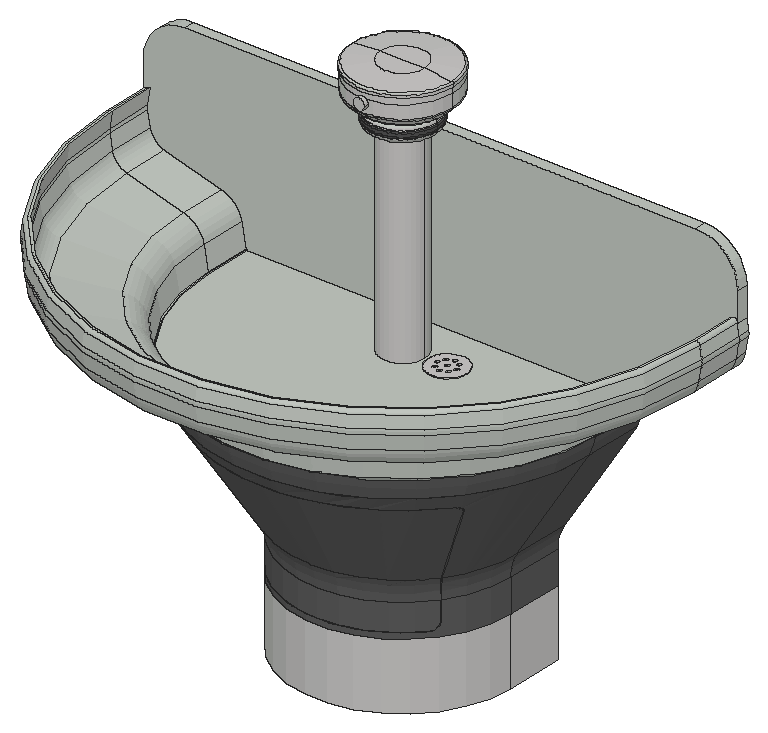
Revit family "Washfountain_Lavatory-Bradley_Corp-TDB3104-Type_B_Drain", category Plumbing Fixtures, Revit 2012
Parameters (values of type "Standard")
  Width = 54.000"
  Warranty Information = "Terreon® material warranted for ten years. All other components warranted for one year. This warranty does not cover installation or any other labor charges and does not apply to any units, which have been damaged by accident, abuse, improper installation, improper maintenance, or altered in any way."
  WFU = 0
  Voltage = 110 V
  Version = "2.0"
  Vent Radius = Vent / 2  # 3/4"
  Vent = 1 1/2"
  URL = "http://www.bradleycorp.com/"
  Towel Dispenser Holder [instance] = if(and(Soap Dispenser, Model ID = 2), 4.560", if(and(Soap Dispenser, Model ID = 1), 5.060", 4.396"))  # 4.396"
  Towel Dispenser Height [instance] = if(and(Soap Dispenser, Model ID = 2), 60.310", if(and(Soap Dispenser, Model ID = 1), 56.310", if(and(No Soap Dispenser, Model ID = 2), 51.810", 47.810")))  # 51.810"
  TouchTime® Control [instance] = yes
  Technical Data = "n/a"
  Supply Height [instance] = if(and(Towel Dispenser, Soap Dispenser, Model ID = 2), 80.313", if(and(Towel Dispenser, No Soap Dispenser, Model ID = 2), 71.813", (if(and(No Towel Dispenser, Soap Dispenser, Model ID = 2), 55.750", (if(and(No Towel Dispenser, No Soap Dispenser, Model ID = 2), 47.414", if(and(Towel Dispenser, Soap Dispenser, Model ID = 1), 75.813", if(and(Towel Dispenser, No Soap Dispenser, Model ID = 1), 67.313", if(and(No Towel Dispenser, Soap Dispenser, Model ID = 1), 51.250", 43.414")))))))))  # 47.414"
  Standard Height = Model ID = 2  # yes
  Spray Head Height = 43.719"
  Specifications URL = "http://www.bradleycorp.com/3partspec"
  Soap Dispenser Height = 55.750"
  Sensor Module Height = 47.414"
  Rim Height = 34.000"
  Product Tech Data URL - Spanish = ""
  Product Tech Data URL - French = ""
  Product Tech Data URL - English = "http://bradleycorp.com/download/1293/2055.pdf"
  Pedestal Material = Fibreglass - Bradley Corp - Black
  Pedestal Height = 23.500"
  Operating Water Pressure Range = "20 - 80 PSI"
  OmniClass Table 23 Title = "Sinks/Lavatories"
  OmniClass Table 23 Number = "23-31 13 00"
  OmniClass Table 21 Title = "Plumbing Fixtures"
  OmniClass Table 21 Number = "21-04 20 10 60"
  No Towel Dispenser [instance] = not(Towel Dispenser)  # yes
  No Soap Dispenser [instance] = not(Soap Dispenser)  # yes
  Modeling Code = ""
  Model ID = 2
  Model = "TDB3104"
  Material Note = "Other Terreon® colors available - See www.bradleycorp.com "
  MasterFormat Title = "Commercial Lavatories and Sinks"
  MasterFormat Number = "22 42 16"
  Manufacturer = "Bradley Corp"
  Juvenile Height = Model ID = 1  # no
  Industry Standards = " ANSI Z124.3, Z124.6 and ANSI/ICPA SS-1-2001"
  Hot Lavatory Inlet Radius = Hot Lavatory Inlet / 2  # 1/4"
  Hot Lavatory Inlet = 1/2"
  HWFU = 0
  Frequency = 50 Hz
  Flow Rate = 2.5 GPM
  Fire Rating = "n/a"
  Drain Radius = Drain / 2  # 1"
  Drain = 2"
  Description = "54\" Semi-Circular, Deep Bowl Washfountain"
  Copyright = "This Model Data is Property of Bradley Corporation"
  Cold Lavatory Inlet Radius = Cold Lavatory Inlet / 2  # 1/4"
  Cold Lavatory Inlet = 1/2"
  CWFU = 0
  Buy American Act = "No"
  Button Visibility [instance] = or(TouchTime® Control, Air Valve Hand Control)  # yes
  Bowl Material [instance] = Stone - Bradley Corp - Empire Gray
  Assembly Code = "D2010300"
  Air Valve Hand Control [instance] = no
  Adaptive Infrared Activation Control [instance] = no
  ADA Compliant = "Yes"
  Soap Dispenser [instance] = no
  Towel Dispenser [instance] = no
Reference planes (in)
  plane 1 "Center (Front/Back)": y = 0
  plane 2: z = 0
  plane 3 "Center (Left/Right)": x = 0
  plane 4 "Left": x = -27
  plane 5 "Right": x = 27
  plane 6 "Towel Dispenser": z = 51.81
  plane 7 "Soap Dispenser": z = 55.75
  plane 8 "Sensor Module": z = 47.414
  plane 9 "Spray Head": z = 43.719
  plane 10 "Rim Height": z = 34
  plane 11 "Pedestal Height": z = 23.5
  plane 12: y = -32.24695
  plane 13: y = -5.3402
Forms (in)
  Extrusion 1, solid, material "Stainless Steel - Bradley Corp - Satin"
    sketch origin (0, 0, 0) x (1, 0, 0) y (0, 1, 0)
      loop
        arc (-9.75, -5.25) -> (0, -15) -> (9.75, -5.25) r 9.75
        line (9.75, -5.25) -> (9.75, 0) -> (-9.75, 0) -> (-9.75, -5.25)
    from 0 to 6.02
  Sweep 2, solid, material "Fibreglass - Bradley Corp - Black" <- "Pedestal Material", detail levels coarse
    path in 3D
      loop
        line (-9.75, 0, 6.02) -> (-9.75, -5.25, 6.02)
        arc (-9.75, -5.25, 6.02) -> (0, -15, 6.02) -> (9.75, -5.25, 6.02) r 9.75
        line (9.75, -5.25, 6.02) -> (9.75, 0, 6.02)
    profile origin (-9.75, -2.625, 6.02) x (1, 0, 0) y (0, 0, 1)
      loop
        line (-0.62812, 5.13184) -> (0, 2.98) -> (0, 0) -> (0.5, 0) -> (0.5, 2.98) -> (-0.20663, 5.40082) -> (-6.67795, 15.54125) -> (-7.23012, 17.48) -> (-7.75, 17.48) -> (-7.13879, 15.33394) -> (-0.62812, 5.13184)
  Sweep 3, solid, material "Fibreglass - Bradley Corp - Black" <- "Pedestal Material", detail levels medium+fine
    path in 3D
      loop
        line (-9.75, 0, 6.02) -> (-9.75, -5.25, 6.02)
        arc (-9.75, -5.25, 6.02) -> (0, -15, 6.02) -> (9.75, -5.25, 6.02) r 9.75
        line (9.75, -5.25, 6.02) -> (9.75, 0, 6.02)
    profile origin (-9.75, -2.625, 6.02) x (1, 0, 0) y (0, 0, 1)
      loop
        line (-7.13879, 15.33394) -> (-0.62812, 5.13184)
        arc (-0.62812, 5.13184) -> (-0.16024, 4.10082) -> (0, 2.98) r 4
        line (0, 2.98) -> (0, 0) -> (0.5, 0) -> (0.5, 2.98) -> (-0.20663, 5.40082) -> (-6.67795, 15.54125) -> (-7.23012, 17.48) -> (-7.61822, 17.48)
        arc (-7.61822, 17.48) -> (-7.70221, 17.43276) -> (-7.72517, 17.33917) r 0.12116
        arc (-7.72517, 17.33917) -> (-7.49023, 16.31952) -> (-7.13879, 15.33394) r 9.0211
  Sweep 4, solid, material "Stone - Bradley Corp - Empire Gray" <- "Bowl Material", visible <- "Standard Height", detail levels coarse
    path in 3D
      loop
        line (-9.75, -0.99695, 6.02) -> (-9.75, -5.25, 6.02)
        arc (-9.75, -5.25, 6.02) -> (0, -15, 6.02) -> (9.75, -5.25, 6.02) r 9.75
        line (9.75, -5.25, 6.02) -> (9.75, -0.99695, 6.02)
    profile origin (-9.75, -3.12347, 6.02) x (1, 0, 0) y (0, 0, 1)
      loop
        line (-8.69027, 19.99893) -> (-8.25, 17.48) -> (-7.74242, 17.48) -> (-7.74242, 17.98) -> (-8.22286, 20.22877) -> (-9.87228, 22.03159) -> (-14.93805, 23.3892) -> (-16.52873, 27.98) -> (-17.05789, 27.98) -> (-15.32366, 22.9749) -> (-10.14268, 21.58641) -> (-8.69027, 19.99893)
  Sweep 5, solid, material "Stone - Bradley Corp - Empire Gray" <- "Bowl Material", visible <- "Standard Height", detail levels medium+fine
    path in 3D
      loop
        line (-9.75, -0.99695, 6.02) -> (-9.75, -5.25, 6.02)
        arc (-9.75, -5.25, 6.02) -> (0, -15, 6.02) -> (9.75, -5.25, 6.02) r 9.75
        line (9.75, -5.25, 6.02) -> (9.75, -0.99695, 6.02)
    profile origin (-9.75, -3.12347, 6.02) x (1, 0, 0) y (0, 0, 1)
      loop
        arc (-16.68727, 27.98028) -> (-16.93198, 27.88933) -> (-17.05789, 27.66063) r 0.37468
        line (-17.05789, 27.66063) -> (-17.21443, 26.6064)
        arc (-17.21443, 26.6064) -> (-17.23048, 26.36063) -> (-17.2061, 26.11555) r 1.5
        line (-17.2061, 26.11555) -> (-16.95433, 24.74241)
        arc (-16.95433, 24.74241) -> (-16.39494, 23.62252) -> (-15.32366, 22.9749) r 2.25
        line (-15.32366, 22.9749) -> (-10.14268, 21.58641)
        arc (-10.14268, 21.58641) -> (-9.1848, 21.00462) -> (-8.69027, 19.99893) r 2
        line (-8.69027, 19.99893) -> (-8.26736, 17.57934)
        arc (-8.26736, 17.57934) -> (-8.22636, 17.50813) -> (-8.14915, 17.48) r 0.12
        line (-8.14915, 17.48) -> (-7.74242, 17.48) -> (-7.74242, 17.98)
        arc (-7.74242, 17.98) -> (-7.8103, 18.00475) -> (-7.84632, 18.06737) r 0.10547
        line (-7.84632, 18.06737) -> (-8.19748, 20.08354)
        arc (-8.19748, 20.08354) -> (-8.8154, 21.34158) -> (-10.01324, 22.06937) r 2.5
        line (-10.01324, 22.06937) -> (-15.19423, 23.45786)
        arc (-15.19423, 23.45786) -> (-16.02745, 23.96157) -> (-16.46253, 24.83259) r 1.75
        line (-16.46253, 24.83259) -> (-16.7143, 26.20573)
        arc (-16.7143, 26.20573) -> (-16.73056, 26.36911) -> (-16.71985, 26.53296) r 1
        line (-16.71985, 26.53296) -> (-16.50494, 27.98028) -> (-16.68727, 27.98028)
  Extrusion 6, solid, material "Stone - Bradley Corp - Empire Gray" <- "Bowl Material", visible <- "Standard Height", detail levels medium+fine
    sketch origin (-21, 0, 40) x (-1, 0, 0) y (0, 0, -1)
      loop
        arc (2.05789, 0) -> (4.70954, 1.09835) -> (5.80789, 3.75) r 3.75
        line (5.80789, 3.75) -> (5.80789, 6.31937) -> (5.96443, 7.3736)
        arc (5.96443, 7.3736) -> (5.98048, 7.61937) -> (5.9561, 7.86445) r 1.5
        line (5.9561, 7.86445) -> (5.70433, 9.23759)
        arc (5.70433, 9.23759) -> (5.14494, 10.35748) -> (4.07366, 11.0051) r 2.25
        line (4.07366, 11.0051) -> (-1.10732, 12.39359)
        arc (-1.10732, 12.39359) -> (-2.0652, 12.97538) -> (-2.55973, 13.98107) r 2
        line (-2.55973, 13.98107) -> (-2.98264, 16.40066)
        arc (-2.98264, 16.40066) -> (-3.02364, 16.47187) -> (-3.10085, 16.5) r 0.12
        line (-3.10085, 16.5) -> (-38.89915, 16.5)
        arc (-38.89915, 16.5) -> (-38.97636, 16.47187) -> (-39.01736, 16.40066) r 0.12
        line (-39.01736, 16.40066) -> (-39.44027, 13.98107)
        arc (-39.44027, 13.98107) -> (-39.9348, 12.97538) -> (-40.89268, 12.39359) r 2
        line (-40.89268, 12.39359) -> (-46.07366, 11.0051)
        arc (-46.07366, 11.0051) -> (-47.14494, 10.35748) -> (-47.70433, 9.23759) r 2.25
        line (-47.70433, 9.23759) -> (-47.9561, 7.86445)
        arc (-47.9561, 7.86445) -> (-47.98048, 7.61937) -> (-47.96443, 7.3736) r 1.5
        line (-47.96443, 7.3736) -> (-47.80789, 6.31937) -> (-47.80789, 3.75)
        arc (-47.80789, 3.75) -> (-46.70954, 1.09835) -> (-44.05789, 0) r 3.75
        line (-44.05789, 0) -> (2.05789, 0)
    from 0 to 0.99695
  Extrusion 7, solid, material "Stone - Bradley Corp - Empire Gray" <- "Bowl Material", visible <- "Standard Height", detail levels coarse
    sketch origin (-21, 0, 40) x (-1, 0, 0) y (0, 0, -1)
      loop
        arc (2.05789, 0) -> (4.70954, 1.09835) -> (5.80789, 3.75) r 3.75
        line (5.80789, 3.75) -> (5.80789, 6) -> (4.07366, 11.0051) -> (-1.10732, 12.39359) -> (-2.55973, 13.98107) -> (-3, 16.5) -> (-39, 16.5) -> (-39.44027, 13.98107) -> (-40.89268, 12.39359) -> (-46.07366, 11.0051) -> (-47.80789, 6) -> (-47.80789, 3.75)
        arc (-47.80789, 3.75) -> (-46.70954, 1.09835) -> (-44.05789, 0) r 3.75
        line (-44.05789, 0) -> (2.05789, 0)
    from 0 to 0.99695
  Extrusion 8, solid, material "Stone - Bradley Corp - Empire Gray" <- "Bowl Material"
    sketch origin (0, 0, 0) x (1, 0, 0) y (0, 1, 0)
      loop
        arc (-17.49242, -5.25) -> (0, -22.74242) -> (17.49242, -5.25) r 17.49242
        line (17.49242, -5.25) -> (17.49242, -0.99695) -> (-17.49242, -0.99695) -> (-17.49242, -5.25)
      loop
        circle (4, -5.24635) r 1.75
    from 23.5 to 24
  Extrusion 9, solid, material "Fibreglass - Bradley Corp - Black" <- "Pedestal Material"
    sketch origin (0, 0, 0) x (1, 0, 0) y (0, 0, 1)
      loop
        line (16.42795, 21.56125) -> (16.98012, 23.5) -> (-16.98012, 23.5) -> (-16.42795, 21.56125) -> (-9.95663, 11.42082) -> (-9.25, 9) -> (-9.25, 6.02) -> (9.25, 6.02) -> (9.25, 9) -> (9.95663, 11.42082) -> (16.42795, 21.56125)
    from 0 to 0.99695
  Sweep 10, solid, material "Stone - Bradley Corp - Empire Gray" <- "Bowl Material", visible <- "Juvenile Height", detail levels coarse
    path in 3D
      loop
        line (-9.75, -0.99695, 6.02) -> (-9.75, -5.25, 6.02)
        arc (-9.75, -5.25, 6.02) -> (0, -15, 6.02) -> (9.75, -5.25, 6.02) r 9.75
        line (9.75, -5.25, 6.02) -> (9.75, -0.99695, 6.02)
    profile origin (-9.75, -3.12347, 6.02) x (1, 0, 0) y (0, 0, 1)
      loop
        line (-17.05789, 23.48016) -> (-15.79641, 19.98631) -> (-9.31066, 18.54066) -> (-8.25, 17.48) -> (-7.74242, 17.48) -> (-7.74242, 17.98) -> (-8.04289, 17.98) -> (-9.05994, 18.99705) -> (-15.42026, 20.41473) -> (-16.71791, 23.98) -> (-17.05789, 23.98) -> (-17.05789, 23.48016)
  Sweep 11, solid, material "Stone - Bradley Corp - Empire Gray" <- "Bowl Material", visible <- "Juvenile Height", detail levels medium+fine
    path in 3D
      loop
        line (-9.75, -0.99695, 6.02) -> (-9.75, -5.25, 6.02)
        arc (-9.75, -5.25, 6.02) -> (0, -15, 6.02) -> (9.75, -5.25, 6.02) r 9.75
        line (9.75, -5.25, 6.02) -> (9.75, -0.99695, 6.02)
    profile origin (-9.75, -3.12347, 6.02) x (1, 0, 0) y (0, 0, 1)
      loop
        line (-17.06017, 23.47983) -> (-16.09625, 20.81009)
        arc (-16.09625, 20.81009) -> (-15.56078, 20.13316) -> (-14.78237, 19.76028) r 1.9141
        line (-14.78237, 19.76028) -> (-9.98471, 18.6909)
        arc (-9.98471, 18.6909) -> (-9.38001, 18.4665) -> (-8.85786, 18.08786) r 2.37805
        line (-8.85786, 18.08786) -> (-8.25, 17.48) -> (-7.74242, 17.48) -> (-7.74242, 17.98) -> (-8.04289, 17.98) -> (-8.508, 18.44511)
        arc (-8.508, 18.44511) -> (-9.14156, 18.90599) -> (-9.87593, 19.17893) r 2.87805
        line (-9.87593, 19.17893) -> (-14.6736, 20.2483)
        arc (-14.6736, 20.2483) -> (-15.3549, 20.61776) -> (-15.73914, 21.29084) r 1.4141
        line (-15.73914, 21.29084) -> (-16.71803, 23.98032)
        arc (-16.71803, 23.98032) -> (-17.01718, 23.81764) -> (-17.06017, 23.47983) r 0.3737
  Extrusion 12, solid, material "Stone - Bradley Corp - Empire Gray" <- "Bowl Material", visible <- "Juvenile Height", detail levels medium+fine
    sketch origin (-33.92149, 0, 36) x (1, 0, 0) y (0, 0, 1)
      loop
        arc (10.8636, 0) -> (8.21195, -1.09835) -> (7.1136, -3.75) r 3.75
        line (7.1136, -3.75) -> (7.1136, -6.29359)
        arc (7.1136, -6.29359) -> (7.12237, -6.47702) -> (7.16726, -6.6551) r 0.92368
        line (7.16726, -6.6551) -> (8.07524, -9.16991)
        arc (8.07524, -9.16991) -> (8.61071, -9.84684) -> (9.38912, -10.21972) r 1.9141
        line (9.38912, -10.21972) -> (14.18678, -11.2891)
        arc (14.18678, -11.2891) -> (14.79148, -11.5135) -> (15.31363, -11.89214) r 2.37805
        line (15.31363, -11.89214) -> (15.92149, -12.5) -> (51.92149, -12.5) -> (52.52935, -11.89214)
        arc (52.52935, -11.89214) -> (53.05151, -11.5135) -> (53.6562, -11.2891) r 2.37805
        line (53.6562, -11.2891) -> (58.45386, -10.21972)
        arc (58.45386, -10.21972) -> (59.23227, -9.84684) -> (59.76774, -9.16991) r 1.9141
        line (59.76774, -9.16991) -> (60.67573, -6.6551)
        arc (60.67573, -6.6551) -> (60.72061, -6.47702) -> (60.72938, -6.29359) r 0.92368
        line (60.72938, -6.29359) -> (60.72938, -3.75)
        arc (60.72938, -3.75) -> (59.63103, -1.09835) -> (56.97938, 0) r 3.75
        line (56.97938, 0) -> (10.8636, 0)
    from 0 to 0.99695
  Extrusion 13, solid, material "Stone - Bradley Corp - Empire Gray" <- "Bowl Material", visible <- "Juvenile Height", detail levels coarse
    sketch origin (-33.92149, 0, 36) x (1, 0, 0) y (0, 0, 1)
      loop
        line (60.72938, -6.52782) -> (60.72938, -3.75)
        arc (60.72938, -3.75) -> (59.63103, -1.09835) -> (56.97938, 0) r 3.75
        line (56.97938, 0) -> (10.8636, 0)
        arc (10.8636, 0) -> (8.21195, -1.09835) -> (7.1136, -3.75) r 3.75
        line (7.1136, -3.75) -> (7.1136, -6.52782) -> (8.37508, -9.99369) -> (14.86083, -11.43934) -> (15.92149, -12.5) -> (51.92149, -12.5) -> (52.98215, -11.43934) -> (59.46791, -9.99369) -> (60.72938, -6.52782)
    from 0 to 0.99695
  Extrusion 14, solid, material "Stainless Steel - Bradley Corp - Polished", detail levels medium+fine
    sketch origin (0, 0, 24) x (1, 0, 0) y (0, 1, 0)
      loop
        circle (4, -5.24635) r 1.75
      loop
        circle (4, -5.24635) r 0.1842
      loop
        circle (4, -4.36864) r 0.1842
      loop
        circle (3.12229, -5.24635) r 0.1842
      loop
        circle (4, -6.12406) r 0.1842
      loop
        circle (4.87771, -5.24635) r 0.1842
      loop
        circle (4.62063, -4.62571) r 0.1842
      loop
        circle (3.37937, -4.62571) r 0.1842
      loop
        circle (3.37937, -5.86698) r 0.1842
      loop
        circle (4.62063, -5.86698) r 0.1842
    from 0 to 0.04618
  Extrusion 15, solid, material "Stainless Steel - Bradley Corp - Satin"
    sketch origin (0, 0, 0) x (1, 0, 0) y (0, 1, 0)
      loop
        circle (0, -5.25) r 2
    from 24 to 44.24213
  Extrusion 16, void
    sketch origin (-33.92149, 0, 36) x (1, 0, 0) y (0, 0, 1)
      loop
        arc (21.39394, -16) -> (21.10481, -16.23564) -> (21.11292, -16.60855) r 0.42493
        line (21.11292, -16.60855) -> (25.4255, -24.84746)
        spline (25.4255, -24.84746) -> (25.50604, -25.0095) -> (25.5802, -25.17601) -> (25.64781, -25.34661) -> (25.70871, -25.52093) -> (25.76278, -25.69857) -> (25.80989, -25.87913) -> (25.84992, -26.06221) -> (25.88281, -26.2474) -> (25.90846, -26.43428) -> (25.92682, -26.62243) -> (25.93786, -26.81142) -> (25.94154, -27.00085)
        line (25.94154, -27.00085) -> (25.94154, -28.87883)
        arc (25.94154, -28.87883) -> (26.1194, -29.30039) -> (26.54548, -29.46715) r 0.58852
        line (26.54548, -29.46715) -> (41.26976, -29.46715)
        arc (41.26976, -29.46715) -> (41.73411, -29.26588) -> (41.92524, -28.79728) r 0.67003
        line (41.92524, -28.79728) -> (41.92524, -26.85223)
        spline (41.92524, -26.85223) -> (41.92867, -26.6698) -> (41.93898, -26.48774) -> (41.95613, -26.30645) -> (41.98009, -26.12631) -> (42.01081, -25.9477) -> (42.04822, -25.77099) -> (42.09225, -25.59655) -> (42.14281, -25.42475) -> (42.19978, -25.25596) -> (42.26305, -25.09052) -> (42.33248, -24.92878) -> (42.40793, -24.7711)
        line (42.40793, -24.7711) -> (46.72897, -16.61066)
        arc (46.72897, -16.61066) -> (46.73867, -16.23672) -> (46.44904, -16) r 0.42493
        line (46.44904, -16) -> (21.39394, -16)
      loop
        line (41.8496, -28.82388) -> (41.8496, -27.03567)
        spline (41.8496, -27.03567) -> (41.85127, -26.8354) -> (41.86049, -26.63547) -> (41.87721, -26.43629) -> (41.90141, -26.23827) -> (41.93303, -26.04183) -> (41.97203, -25.84739) -> (42.01837, -25.65534) -> (42.07191, -25.46608) -> (42.13254, -25.28) -> (42.20012, -25.09749) -> (42.27452, -24.91892) -> (42.35562, -24.74468)
        line (42.35562, -24.74468) -> (46.67712, -16.58338)
        arc (46.67712, -16.58338) -> (46.68672, -16.26403) -> (46.44203, -16.05859) r 0.36634
        line (46.44203, -16.05859) -> (21.40095, -16.05859)
        arc (21.40095, -16.05859) -> (21.15669, -16.26309) -> (21.16491, -16.58154) r 0.36634
        line (21.16491, -16.58154) -> (25.4774, -24.82026)
        spline (25.4774, -24.82026) -> (25.55904, -24.98455) -> (25.63417, -25.15332) -> (25.70267, -25.32619) -> (25.76437, -25.50277) -> (25.81915, -25.68266) -> (25.86687, -25.86548) -> (25.90738, -26.05083) -> (25.94064, -26.23829) -> (25.9666, -26.42745) -> (25.98519, -26.61787) -> (25.99639, -26.80915) -> (26.00013, -27.00085)
        line (26.00013, -27.00085) -> (26.00013, -28.87883)
        arc (26.00013, -28.87883) -> (26.16055, -29.25868) -> (26.54469, -29.40855) r 0.52993
        line (26.54469, -29.40855) -> (41.26493, -29.40855)
        arc (41.26493, -29.40855) -> (41.67835, -29.23731) -> (41.8496, -28.82388) r 0.58467
    from 7.94 to 24.01788
  Extrusion 17, solid, material "Stainless Steel - Bradley Corp - Polished", visible <- "Soap Dispenser"
    sketch origin (0, 0, 0) x (1, 0, 0) y (0, 1, 0)
      loop
        circle (0, -5.25) r 2
    from 47.414 to 49.75
  Extrusion 18, solid, material "Stainless Steel - Bradley Corp - Polished", visible <- "Towel Dispenser"
    sketch origin (-5.56458, -2.11186, 51.81) x (0, 0, 1) y (0.866025, 0.5, 0)
      loop
        line (0, 0) -> (0, -1.75) -> (1.375, -4) -> (14.625, -4) -> (15.3125, 0) -> (0, 0)
    from -11 to 0
  Extrusion 19, solid, material "Stainless Steel - Bradley Corp - Polished", visible <- "Towel Dispenser"
    sketch origin (5.56458, -2.11186, 51.81) x (0, 0, 1) y (0.866025, -0.5, 0)
      loop
        line (0, 0) -> (15.3125, 0) -> (14.625, 4) -> (1.375, 4) -> (0, 1.75) -> (0, 0)
    from -11 to 0
  Extrusion 20, solid, material "Stainless Steel - Bradley Corp - Polished", visible <- "Towel Dispenser"
    sketch origin (-18.13744, 0, 51.81) x (-1, 0, 0) y (0, -1, 0)
      loop
        line (-18.07285, 11.63814) -> (-18.20202, 11.63814) -> (-23.70202, 2.11186) -> (-23.59038, 2.04741) -> (-12.68449, 2.04741) -> (-12.57285, 2.11186) -> (-18.07285, 11.63814)
      loop
        circle (-18.13744, 5.25) r 2
    from 14.625 to 14.125
  Revolve 21, solid, material "Stainless Steel - Bradley Corp - Polished", detail levels coarse+medium
    sketch origin (-27, -5.25, 47.414) x (1, 0, 0) y (0, 0, 1)
      loop
        line (27, -3.17187) -> (27, 0) -> (22.4245, 0) -> (22.4245, -2.34747) -> (23.2489, -3.17187) -> (27, -3.17187)
      loop
        line (27, -5.10281) -> (27, -3.69531) -> (24.32008, -3.69531) -> (23.875, -4.14039) -> (23.875, -4.64024) -> (24.33758, -5.10281) -> (27, -5.10281)
      axis (27, 0) -> (27, -5.10281)
    angle from 0 to 360
  Revolve 22, solid, material "Stainless Steel - Bradley Corp - Polished", detail levels fine
    sketch origin (-27, -5.25, 47.414) x (1, 0, 0) y (0, 0, 1)
      loop
        arc (22.54844, -0.19977) -> (22.46021, -0.24285) -> (22.4245, -0.33431) r 0.135
        line (22.4245, -0.33431) -> (22.4245, -0.56995) -> (22.5, -0.56995) -> (22.5, -1.11431) -> (22.5, -2.31832)
        arc (22.5, -2.31832) -> (22.51903, -2.41399) -> (22.57322, -2.4951) r 0.25
        line (22.57322, -2.4951) -> (23.17678, -3.09865)
        arc (23.17678, -3.09865) -> (23.25788, -3.15284) -> (23.35355, -3.17187) r 0.25
        line (23.35355, -3.17187) -> (27, -3.17187) -> (27, 0.00105) -> (24.992, 0.00105) -> (22.54844, -0.19977)
      loop
        arc (23.965, -4.75781) -> (24.06605, -5.00176) -> (24.31, -5.10281) r 0.345
        line (24.31, -5.10281) -> (27, -5.10281) -> (27, -3.69531) -> (24.31, -3.69531)
        arc (24.31, -3.69531) -> (24.06605, -3.79636) -> (23.965, -4.04031) r 0.345
        line (23.965, -4.04031) -> (23.965, -4.14039)
        arc (23.965, -4.14039) -> (23.90115, -4.16911) -> (23.875, -4.23406) r 0.09375
        line (23.875, -4.23406) -> (23.875, -4.54656)
        arc (23.875, -4.54656) -> (23.90115, -4.61151) -> (23.965, -4.64024) r 0.09375
        line (23.965, -4.64024) -> (23.965, -4.75781)
      axis (27, 0.00105) -> (27, -5.10281)
    angle from 0 to 360
  Extrusion 23, solid, material "Stainless Steel - Bradley Corp - Polished", visible <- "Soap Dispenser", detail levels fine
    sketch origin (-27, 0, 55.75) x (1, 0, 0) y (0, 0, 1)
      loop
        line (20.84438, -1) -> (20.96998, -1) -> (20.96998, -1.64327) -> (21.01796, -1.64327) -> (21.01796, -2.89327) -> (21.07058, -2.89327) -> (21.07058, -4.14327) -> (21.1232, -4.14327) -> (21.1232, -5.39327) -> (21.19098, -5.39327) -> (21.19098, -6) -> (32.80902, -6) -> (32.80902, -5.39327) -> (32.8768, -5.39327) -> (32.8768, -4.14327) -> (32.92942, -4.14327) -> (32.92942, -2.89327) -> (32.98204, -2.89327) -> (32.98204, -1.64327) -> (33.03002, -1.64327) -> (33.03002, -1) -> (33.15562, -1) -> (33.15562, -0.375)
        arc (33.15562, -0.375) -> (32.17951, -0.12076) -> (31.17808, 0) r 7.48907
        line (31.17808, 0) -> (22.82192, 0)
        arc (22.82192, 0) -> (21.82049, -0.12076) -> (20.84438, -0.375) r 7.48907
        line (20.84438, -0.375) -> (20.84438, -1)
    from 3.06766 to 5.3402
  Extrusion 24, solid, material "Stainless Steel - Bradley Corp - Polished", visible <- "Soap Dispenser", detail levels coarse+medium
    sketch origin (-27, 0, 55.75) x (1, 0, 0) y (0, 0, 1)
      loop
        line (20.88289, -1) -> (21.19098, -6) -> (32.80902, -6) -> (33.11711, -1) -> (20.88289, -1)
    from 3.06766 to 5.3402
  Revolve 25, solid, material "Stainless Steel - Bradley Corp - Polished", visible <- "Soap Dispenser", detail levels fine
    sketch origin (-27, -5.3402, 55.75) x (1, 0, 0) y (0, 0, 1)
      loop
        line (20.96998, -1.64327) -> (21.01796, -1.64327) -> (21.01796, -2.89327) -> (21.07058, -2.89327) -> (21.07058, -4.14327) -> (21.1232, -4.14327) -> (21.1232, -5.39327) -> (21.19098, -5.39327) -> (21.19098, -6) -> (27, -6) -> (27, 0) -> (22.82192, 0)
        arc (22.82192, 0) -> (21.82049, -0.12076) -> (20.84438, -0.375) r 7.48907
        line (20.84438, -0.375) -> (20.84438, -1) -> (20.96998, -1) -> (20.96998, -1.64327)
      axis (27, 0) -> (27, -6)
    angle from 360 to 180
  Revolve 26, solid, material "Stainless Steel - Bradley Corp - Polished", visible <- "Soap Dispenser", detail levels coarse+medium
    sketch origin (-27, -5.3402, 51.25) x (1, 0, 0) y (0, 0, 1)
      loop
        line (27, -1.5) -> (27, 3.5) -> (20.88289, 3.5) -> (21.19098, -1.5) -> (27, -1.5)
      axis (27, 3.5) -> (27, -1.5)
    angle from 360 to 180
  Extrusion 27, solid, material "Stainless Steel - Bradley Corp - Polished", visible <- "Towel Dispenser"
    sketch origin (0, 0, 51.81) x (-1, 0, 0) y (0, -1, 0)
      loop
        circle (0, 5.25) r 2
    from -4.396 to 16.3125
  Extrusion 28, solid, material "Stainless Steel - Bradley Corp - Polished", visible <- "Towel Dispenser"
    sketch origin (0, 0, 51.81) x (-1, 0, 0) y (0, -1, 0)
      loop
        line (-5.45295, 2.04741) -> (5.45295, 2.04741) -> (5.56458, 2.11186) -> (0.06458, 11.63814) -> (-0.06458, 11.63814) -> (-5.56458, 2.11186) -> (-5.45295, 2.04741)
      loop
        circle (0, 5.25) r 2
    from 1.06293 to 1.56293
  Extrusion 29, solid, material "Default", not visible
    sketch origin (0, 0, 0) x (1, 0, 0) y (0, 1, 0)
      loop
        circle (0, -5.25) r 0.75
      loop
        circle (-0.875, -4) r 0.25
      loop
        circle (0.875, -4) r 0.25
    from 0 to 47.414
  Extrusion 30, solid, material "Default", not visible
    sketch origin (0, -27, 0) x (-1, 0, 0) y (0, 0, 1)
      loop
        line (-0.5, 9) -> (-1.5, 9) -> (-1.5, 7) -> (-0.5, 7) -> (-0.5, 9)
    from 26 to 27
  Revolve 31, solid, material "Plastic - Bradley Corp - Black", visible <- "Soap Dispenser", detail levels coarse+medium
    sketch origin (-27, -5.3402, 55.75) x (1, 0, 0) y (0, 0, 1)
      loop
        line (20.82127, 0) -> (20.88289, -1) -> (27, -1) -> (27, 0) -> (20.82127, 0)
      axis (27, 0) -> (27, -1)
    angle from 180 to 360
  Extrusion 32, solid, material "Plastic - Bradley Corp - Black", visible <- "Soap Dispenser", detail levels coarse+medium
    sketch origin (-27, -5.3402, 55.75) x (1, 0, 0) y (0, 0, 1)
      loop
        line (20.88289, -1) -> (33.11711, -1) -> (33.17873, 0) -> (20.82127, 0) -> (20.88289, -1)
    from 0 to -2.27254
  Extrusion 33, solid, material "Stainless Steel - Bradley Corp - Polished", visible <- "Button Visibility"
    sketch origin (-27, -5.25, 47.414) x (1, 0, 0) y (0, 0, 1)
      loop
        circle (27, -1.45871) r 0.5
    from 4.91915 to 4.5755
  Extrusion 34, solid, material "Stainless Steel - Bradley Corp - Polished", visible <- "Button Visibility", detail levels fine
    sketch origin (-27, -5.25, 47.414) x (1, 0, 0) y (0, 0, 1)
      loop
        circle (27, -1.45871) r 0.25
    from 4.5 to 4.5755
  Extrusion 35, solid, material "Default", not visible, detail levels fine
    sketch origin (0, 0, 0) x (1, 0, 0) y (0, 1, 0)
      loop
        circle (-4, -5.25) r 1
    from 0 to 3
Cuts and joins
  joined: Sweep 11, Extrusion 12
  joined: Sweep 10, Extrusion 13
  Extrusion 16 cuts Sweep 3
  joined: Extrusion 23, Revolve 25
  joined: Extrusion 24, Revolve 26
  joined: Revolve 31, Extrusion 32
Lines and regions (in)
  Split face 1
    outline origin (-9.02868, -4.11186, 53.185) x (0.738964, 0.426641, -0.52145) y (0.5, -0.866025, 0)
      loop
        arc (0.59847, 1.4994) -> (1.34847, 0.7494) -> (2.09847, 1.4994) r 0.75
        line (2.09847, 1.4994) -> (2.09847, 9.5006)
        arc (2.09847, 9.5006) -> (1.34847, 10.2506) -> (0.59847, 9.5006) r 0.75
        line (0.59847, 9.5006) -> (0.59847, 1.4994)
  Split face 2
    outline origin (9.02868, -4.11186, 53.185) x (-0.738964, 0.426641, -0.52145) y (0.5, 0.866025, 0)
      loop
        line (0.59766, -1.49951) -> (0.59766, -9.5)
        arc (0.59766, -9.5) -> (1.34774, -10.25008) -> (2.09782, -9.5) r 0.75008
        line (2.09782, -9.5) -> (2.09782, -1.49951)
        arc (2.09782, -1.49951) -> (1.34774, -0.74943) -> (0.59766, -1.49951) r 0.75008
  Masking region 1
    outline origin (0, 0, 0) x (1, 0, 0) y (0, 0, 1)
      loop
        line (-9.75, 6.02) -> (-9.75, 0) -> (9.75, 0) -> (9.75, 6.02) -> (9.75, 9) -> (10.37812, 11.15184) -> (16.88879, 21.35394) -> (17.5, 23.5) -> (-17.5, 23.5) -> (-16.88879, 21.35394) -> (-10.37812, 11.15184) -> (-9.75, 9) -> (-9.75, 6.02)
  Masking region 2, visible <- "Juvenile Height", detail levels coarse
    outline origin (-33.92149, 0, 36) x (1, 0, 0) y (0, 0, 1)
      loop
        arc (10.8636, 0) -> (8.21195, -1.09835) -> (7.1136, -3.75) r 3.75
        line (7.1136, -3.75) -> (7.1136, -6.52782) -> (8.37508, -9.99369) -> (14.86083, -11.43934) -> (15.92149, -12.5) -> (51.92149, -12.5) -> (52.98215, -11.43934) -> (59.46791, -9.99369) -> (60.72938, -6.52782) -> (60.72938, -3.75)
        arc (60.72938, -3.75) -> (59.63103, -1.09835) -> (56.97938, 0) r 3.75
        line (56.97938, 0) -> (10.8636, 0)
  Masking region 3, visible <- "Juvenile Height", detail levels medium+fine
    outline origin (-33.92149, 0, 36) x (1, 0, 0) y (0, 0, 1)
      loop
        arc (10.8636, 0) -> (8.21195, -1.09835) -> (7.1136, -3.75) r 3.75
        line (7.1136, -3.75) -> (7.1136, -6) -> (7.44483, -6)
        arc (7.44483, -6) -> (7.17352, -6.11238) -> (7.06114, -6.38369) r 0.38369
        line (7.06114, -6.38369) -> (8.07524, -9.16991)
        arc (8.07524, -9.16991) -> (8.61071, -9.84684) -> (9.38912, -10.21972) r 1.9141
        line (9.38912, -10.21972) -> (14.18678, -11.2891)
        arc (14.18678, -11.2891) -> (14.79357, -11.51462) -> (15.31706, -11.89543) r 2.37805
        line (15.31706, -11.89543) -> (15.92163, -12.5) -> (51.92135, -12.5) -> (52.52592, -11.89543)
        arc (52.52592, -11.89543) -> (53.04941, -11.51462) -> (53.6562, -11.2891) r 2.37805
        line (53.6562, -11.2891) -> (58.45386, -10.21972)
        arc (58.45386, -10.21972) -> (59.23227, -9.84684) -> (59.76774, -9.16991) r 1.9141
        line (59.76774, -9.16991) -> (60.78184, -6.38369)
        arc (60.78184, -6.38369) -> (60.66946, -6.11238) -> (60.39815, -6) r 0.38369
        line (60.39815, -6) -> (60.72938, -6) -> (60.72938, -3.75)
        arc (60.72938, -3.75) -> (59.63103, -1.09835) -> (56.97938, 0) r 3.75
        line (56.97938, 0) -> (10.8636, 0)
  Masking region 4, visible <- "Standard Height", detail levels coarse
    outline origin (-21, 0, 40) x (-1, 0, 0) y (0, 0, -1)
      loop
        arc (2.05789, 0) -> (4.70954, 1.09835) -> (5.80789, 3.75) r 3.75
        line (5.80789, 3.75) -> (5.80789, 6) -> (4.07366, 11.0051) -> (-1.10732, 12.39359) -> (-2.55973, 13.98107) -> (-3, 16.5) -> (-39, 16.5) -> (-39.44027, 13.98107) -> (-40.89268, 12.39359) -> (-46.07366, 11.0051) -> (-47.80789, 6) -> (-47.80789, 3.75)
        arc (-47.80789, 3.75) -> (-46.70954, 1.09835) -> (-44.05789, 0) r 3.75
        line (-44.05789, 0) -> (2.05789, 0)
  Masking region 5, visible <- "Standard Height", detail levels medium+fine
    outline origin (-21, 0, 40) x (-1, 0, 0) y (0, 0, -1)
      loop
        arc (2.05789, 0) -> (4.70954, 1.09835) -> (5.80789, 3.75) r 3.75
        line (5.80789, 3.75) -> (5.80789, 6) -> (4.43462, 9.96335)
        arc (4.43462, 9.96335) -> (3.88072, 10.8061) -> (2.99781, 11.29343) r 2.09986
        line (2.99781, 11.29343) -> (-1.10732, 12.39359)
        arc (-1.10732, 12.39359) -> (-2.0652, 12.97538) -> (-2.55973, 13.98107) r 2
        line (-2.55973, 13.98107) -> (-3, 16.5) -> (-39, 16.5) -> (-39.44027, 13.98107)
        arc (-39.44027, 13.98107) -> (-39.9348, 12.97538) -> (-40.89268, 12.39359) r 2
        line (-40.89268, 12.39359) -> (-44.99781, 11.29343)
        arc (-44.99781, 11.29343) -> (-45.88072, 10.8061) -> (-46.43462, 9.96335) r 2.09986
        line (-46.43462, 9.96335) -> (-47.80789, 6) -> (-47.80789, 3.75)
        arc (-47.80789, 3.75) -> (-46.70954, 1.09835) -> (-44.05789, 0) r 3.75
        line (-44.05789, 0) -> (2.05789, 0)
  Masking region 6, visible <- "Towel Dispenser"
    outline origin (-18.13744, 0, 51.81) x (-1, 0, 0) y (0, 0, -1)
      loop
        line (-16.13744, -15.3125) -> (-12.57285, -15.3125) -> (-9.10875, -14.625) -> (-9.10875, -1.375) -> (-11.05731, 0) -> (-16.13744, 0) -> (-16.13744, 4.396) -> (-20.13744, 4.396) -> (-20.13744, 0) -> (-25.21756, 0) -> (-27.16612, -1.375) -> (-27.16612, -14.625) -> (-23.70202, -15.3125) -> (-20.13744, -15.3125) -> (-20.13744, -16.3125) -> (-16.13744, -16.3125) -> (-16.13744, -15.3125)
  Masking region 7, visible <- "Juvenile Height", detail levels coarse
    outline origin (-27, 0, 36) x (0, -1, 0) y (0, 0, 1)
      loop
        line (0.99695, -6) -> (0.99695, 0) -> (0, 0) -> (0, -12.5) -> (23.25, -12.5) -> (24.31061, -11.43939) -> (30.79572, -9.99562) -> (32.05789, -6.49984) -> (32.05789, -6) -> (0.99695, -6)
  Masking region 8, visible <- "Juvenile Height", detail levels medium+fine
    outline origin (-27, 0, 36) x (0, -1, 0) y (0, 0, 1)
      loop
        line (24.98186, -11.28995) -> (29.86237, -10.20341)
        arc (29.86237, -10.20341) -> (30.60525, -9.83626) -> (31.09468, -9.16759) r 1.74331
        line (31.09468, -9.16759) -> (32.05789, -6.49984)
        arc (32.05789, -6.49984) -> (32.01432, -6.15903) -> (31.70975, -6) r 0.37116
        line (31.70975, -6) -> (0.99695, -6) -> (0.99695, 0) -> (0, 0) -> (0, -12.5) -> (23.25, -12.5) -> (23.85786, -11.89214)
        arc (23.85786, -11.89214) -> (24.37535, -11.50796) -> (24.98186, -11.28995) r 2.20341
  Masking region 9
    outline origin (0, 0, 0) x (0, 1, 0) y (0, 0, 1)
      loop
        line (-15, 0) -> (0, 0) -> (0, 23.5) -> (-22.75417, 23.5) -> (-22.13879, 21.35394) -> (-15.62812, 11.15184) -> (-15, 9) -> (-15, 0)
  Masking region 10, visible <- "Soap Dispenser", detail levels fine
    outline origin (-27, -1.99582, 55.75) x (0, -1, 0) y (0, 0, 1)
      loop
        line (5.25418, -6) -> (9.1534, -6) -> (9.1534, -5.39327) -> (9.22117, -5.39327) -> (9.22117, -4.14327) -> (9.27379, -4.14327) -> (9.27379, -2.89327) -> (9.32616, -2.89327) -> (9.32616, -1.64327) -> (9.3744, -1.64327) -> (9.3744, -1) -> (9.5, -1) -> (9.5, -0.37547)
        arc (9.5, -0.37547) -> (8.5245, -0.11785) -> (7.52246, 0) r 7.15586
        line (7.52246, 0) -> (1.07183, 0) -> (1.07183, -6) -> (1.25, -6) -> (1.25, -8.336) -> (5.25418, -8.336) -> (5.25418, -6)
  Masking region 11, visible <- "Towel Dispenser"
    outline origin (-27, 0, 51.81) x (0, -1, 0) y (0, 0, 1)
      loop
        line (7.25, 16.3125) -> (3.25, 16.3125) -> (3.25, 15.3125) -> (2.11186, 15.3125) -> (2.11186, 0) -> (3.25, 0) -> (3.25, -4.396) -> (7.25, -4.396) -> (7.25, 0) -> (12.51314, 0) -> (13.63814, 1.375) -> (13.63814, 14.625) -> (11.63814, 15.3125) -> (7.25, 15.3125) -> (7.25, 16.3125)
  Masking region 12, visible <- "Soap Dispenser", detail levels coarse+medium
    outline origin (-27, -1.99582, 55.75) x (0, -1, 0) y (0, 0, 1)
      loop
        line (1.07183, 0) -> (1.07183, -6) -> (1.25, -6) -> (1.25, -8.336) -> (5.25418, -8.336) -> (5.25418, -6) -> (9.1534, -6) -> (9.52311, 0) -> (1.07183, 0)
  Masking region 13, visible <- "Soap Dispenser", detail levels coarse+medium
    outline origin (-27, 0, 55.75) x (1, 0, 0) y (0, 0, 1)
      loop
        line (20.82127, 0) -> (21.19098, -6) -> (25, -6) -> (25, -8.336) -> (29, -8.336) -> (29, -6) -> (32.80902, -6) -> (33.17873, 0) -> (20.82127, 0)
  Masking region 14, visible <- "Soap Dispenser", detail levels fine
    outline origin (-27, 0, 55.75) x (1, 0, 0) y (0, 0, 1)
      loop
        arc (22.82154, -0.0051) -> (21.82026, -0.12303) -> (20.84529, -0.37976) r 7.1951
        line (20.84529, -0.37976) -> (20.84529, -1) -> (20.96998, -1) -> (20.96998, -1.64327) -> (21.01796, -1.64327) -> (21.01796, -2.89327) -> (21.07058, -2.89327) -> (21.07058, -4.14327) -> (21.1232, -4.14327) -> (21.1232, -5.39327) -> (21.19098, -5.39327) -> (21.19098, -6) -> (25, -6) -> (25, -8.336) -> (29, -8.336) -> (29, -6) -> (32.80902, -6) -> (32.80902, -5.39327) -> (32.8768, -5.39327) -> (32.8768, -4.14327) -> (32.92942, -4.14327) -> (32.92942, -2.89327) -> (32.98204, -2.89327) -> (32.98204, -1.64327) -> (33.03002, -1.64327) -> (33.03002, -1.04433) -> (33.15562, -1.04433) -> (33.15562, -0.40421)
        arc (33.15562, -0.40421) -> (32.18571, -0.13036) -> (31.18569, -0.0051) r 6.69951
        line (31.18569, -0.0051) -> (22.82154, -0.0051)
  Masking region 15, detail levels coarse+medium
    outline origin (-27, -5.25, 47.414) x (1, 0, 0) y (0, 0, 1)
      loop
        line (22.4245, 0) -> (22.4245, -2.34747) -> (23.2489, -3.17187) -> (25, -3.17187) -> (25, -3.69531) -> (24.32008, -3.69531) -> (23.875, -4.14039) -> (23.875, -4.64024) -> (24.33758, -5.10281) -> (29.66242, -5.10281) -> (30.125, -4.64024) -> (30.125, -4.14039) -> (29.67992, -3.69531) -> (29, -3.69531) -> (29, -3.17187) -> (30.7511, -3.17187) -> (31.5755, -2.34747) -> (31.5755, 0) -> (22.4245, 0)
  Masking region 16, detail levels fine
    outline origin (-27, -5.25, 47.414) x (1, 0, 0) y (0, 0, 1)
      loop
        arc (22.54844, -0.19977) -> (22.46021, -0.24285) -> (22.4245, -0.33431) r 0.135
        line (22.4245, -0.33431) -> (22.4245, -0.56995) -> (22.5, -0.56995) -> (22.5, -1.11431) -> (22.5, -2.31832)
        arc (22.5, -2.31832) -> (22.51903, -2.41399) -> (22.57322, -2.4951) r 0.25
        line (22.57322, -2.4951) -> (23.17678, -3.09865)
        arc (23.17678, -3.09865) -> (23.25788, -3.15284) -> (23.35355, -3.17187) r 0.25
        line (23.35355, -3.17187) -> (25, -3.17187) -> (25, -3.69531) -> (24.31, -3.69531)
        arc (24.31, -3.69531) -> (24.06605, -3.79636) -> (23.965, -4.04031) r 0.345
        line (23.965, -4.04031) -> (23.965, -4.14039)
        arc (23.965, -4.14039) -> (23.90115, -4.16911) -> (23.875, -4.23406) r 0.09375
        line (23.875, -4.23406) -> (23.875, -4.54656)
        arc (23.875, -4.54656) -> (23.90115, -4.61151) -> (23.965, -4.64024) r 0.09375
        line (23.965, -4.64024) -> (23.965, -4.75781)
        arc (23.965, -4.75781) -> (24.06605, -5.00176) -> (24.31, -5.10281) r 0.345
        line (24.31, -5.10281) -> (29.69, -5.10281)
        arc (29.69, -5.10281) -> (29.93395, -5.00176) -> (30.035, -4.75781) r 0.345
        line (30.035, -4.75781) -> (30.035, -4.64024)
        arc (30.035, -4.64024) -> (30.09885, -4.61151) -> (30.125, -4.54656) r 0.09375
        line (30.125, -4.54656) -> (30.125, -4.23406)
        arc (30.125, -4.23406) -> (30.09885, -4.16911) -> (30.035, -4.14039) r 0.09375
        line (30.035, -4.14039) -> (30.035, -4.04031)
        arc (30.035, -4.04031) -> (29.93395, -3.79636) -> (29.69, -3.69531) r 0.345
        line (29.69, -3.69531) -> (29, -3.69531) -> (29, -3.17187) -> (30.64645, -3.17187)
        arc (30.64645, -3.17187) -> (30.74212, -3.15284) -> (30.82322, -3.09865) r 0.25
        line (30.82322, -3.09865) -> (31.42678, -2.4951)
        arc (31.42678, -2.4951) -> (31.48097, -2.41399) -> (31.5, -2.31832) r 0.25
        line (31.5, -2.31832) -> (31.5, -1.11431) -> (31.5, -0.56995) -> (31.5755, -0.56995) -> (31.5755, -0.33431)
        arc (31.5755, -0.33431) -> (31.53979, -0.24285) -> (31.45156, -0.19977) r 0.135
        line (31.45156, -0.19977) -> (29.008, 0.00105) -> (24.992, 0.00105) -> (22.54844, -0.19977)
  Masking region 17, detail levels fine
    outline origin (-27, -5.25, 47.414) x (0, 1, 0) y (0, 0, 1)
      loop
        line (4.45156, -0.19977) -> (2.008, 0.00105) -> (-2.008, 0.00105) -> (-4.45156, -0.19977)
        arc (-4.45156, -0.19977) -> (-4.53979, -0.24285) -> (-4.5755, -0.33431) r 0.135
        line (-4.5755, -0.33431) -> (-4.5755, -0.56995) -> (-4.5, -0.56995) -> (-4.5, -1.11431) -> (-4.5, -2.31832)
        arc (-4.5, -2.31832) -> (-4.48097, -2.41399) -> (-4.42678, -2.4951) r 0.25
        line (-4.42678, -2.4951) -> (-3.82322, -3.09865)
        arc (-3.82322, -3.09865) -> (-3.74212, -3.15284) -> (-3.64645, -3.17187) r 0.25
        line (-3.64645, -3.17187) -> (-2, -3.17187) -> (-2, -3.69531) -> (-2.69, -3.69531)
        arc (-2.69, -3.69531) -> (-2.93395, -3.79636) -> (-3.035, -4.04031) r 0.345
        line (-3.035, -4.04031) -> (-3.035, -4.14039)
        arc (-3.035, -4.14039) -> (-3.09885, -4.16911) -> (-3.125, -4.23406) r 0.09375
        line (-3.125, -4.23406) -> (-3.125, -4.54656)
        arc (-3.125, -4.54656) -> (-3.09885, -4.61151) -> (-3.035, -4.64024) r 0.09375
        line (-3.035, -4.64024) -> (-3.035, -4.75781)
        arc (-3.035, -4.75781) -> (-2.93395, -5.00176) -> (-2.69, -5.10281) r 0.345
        line (-2.69, -5.10281) -> (2.69, -5.10281)
        arc (2.69, -5.10281) -> (2.93395, -5.00176) -> (3.035, -4.75781) r 0.345
        line (3.035, -4.75781) -> (3.035, -4.64024)
        arc (3.035, -4.64024) -> (3.09885, -4.61151) -> (3.125, -4.54656) r 0.09375
        line (3.125, -4.54656) -> (3.125, -4.23406)
        arc (3.125, -4.23406) -> (3.09885, -4.16911) -> (3.035, -4.14039) r 0.09375
        line (3.035, -4.14039) -> (3.035, -4.04031)
        arc (3.035, -4.04031) -> (2.93395, -3.79636) -> (2.69, -3.69531) r 0.345
        line (2.69, -3.69531) -> (2, -3.69531) -> (2, -3.17187) -> (3.64645, -3.17187)
        arc (3.64645, -3.17187) -> (3.74212, -3.15284) -> (3.82322, -3.09865) r 0.25
        line (3.82322, -3.09865) -> (4.42678, -2.4951)
        arc (4.42678, -2.4951) -> (4.48097, -2.41399) -> (4.5, -2.31832) r 0.25
        line (4.5, -2.31832) -> (4.5, -1.11431) -> (4.5, -0.56995) -> (4.5755, -0.56995) -> (4.5755, -0.33431)
        arc (4.5755, -0.33431) -> (4.53979, -0.24285) -> (4.45156, -0.19977) r 0.135
  Masking region 18, detail levels coarse+medium
    outline origin (-27, -5.25, 47.414) x (0, 1, 0) y (0, 0, 1)
      loop
        line (2, -3.17187) -> (3.7511, -3.17187) -> (4.5755, -2.34747) -> (4.5755, 0) -> (-4.5755, 0) -> (-4.5755, -2.34747) -> (-3.7511, -3.17187) -> (-2, -3.17187) -> (-2, -3.69531) -> (-2.67992, -3.69531) -> (-3.125, -4.14039) -> (-3.125, -4.64024) -> (-2.66242, -5.10281) -> (2.66242, -5.10281) -> (3.125, -4.64024) -> (3.125, -4.14039) -> (2.67992, -3.69531) -> (2, -3.69531) -> (2, -3.17187)
  Masking region 19, visible <- "Standard Height", detail levels coarse
    outline origin (-27, 0.75, 40) x (0, -1, 0) y (0, 0, 1)
      loop
        line (0.75, 0) -> (0.75, -16.5) -> (24, -16.5) -> (24.44027, -13.98107) -> (25.89268, -12.39359) -> (31.07366, -11.0051) -> (32.80789, -6) -> (1.74695, -6) -> (1.74695, 0) -> (0.75, 0)
  Masking region 20, visible <- "Standard Height", detail levels medium+fine
    outline origin (-27, 0.75, 40) x (0, -1, 0) y (0, 0, 1)
      loop
        line (32.44374, -5.99972) -> (1.74695, -5.99972) -> (1.74695, 0) -> (0.75, 0) -> (0.75, -16.5) -> (23.90562, -16.5)
        arc (23.90562, -16.5) -> (23.98283, -16.47187) -> (24.02383, -16.40066) r 0.12
        line (24.02383, -16.40066) -> (24.44673, -13.98107)
        arc (24.44673, -13.98107) -> (24.94127, -12.97538) -> (25.89914, -12.39359) r 2
        line (25.89914, -12.39359) -> (31.08013, -11.0051)
        arc (31.08013, -11.0051) -> (32.15141, -10.35748) -> (32.71079, -9.23759) r 2.25
        line (32.71079, -9.23759) -> (32.96257, -7.86445)
        arc (32.96257, -7.86445) -> (32.98695, -7.61937) -> (32.9709, -7.3736) r 1.5
        line (32.9709, -7.3736) -> (32.81436, -6.31937)
        arc (32.81436, -6.31937) -> (32.68845, -6.09067) -> (32.44374, -5.99972) r 0.37468
  Masking region 21
    outline origin (0, 0, 34) x (-1, 0, 0) y (0, -1, 0)
      loop
        line (26.9807, 0) -> (26.9807, 5.25)
        arc (26.9807, 5.25) -> (0, 32.2307) -> (-26.9807, 5.25) r 26.9807
        line (-26.9807, 5.25) -> (-26.9807, 0) -> (26.9807, 0)
  Masking region 22
    outline origin (0, 0, 47.414) x (-1, 0, 0) y (0, -1, 0)
      loop
        circle (0, 5.25) r 4.5755
  Masking region 23, visible <- "Towel Dispenser"
    outline origin (0, 0, 51.81) x (-1, 0, 0) y (0, -1, 0)
      loop
        line (9.02868, 4.11186) -> (3.52868, 13.63814) -> (0.06458, 11.63814) -> (-0.06458, 11.63814) -> (-3.52868, 13.63814) -> (-9.02868, 4.11186) -> (-5.56458, 2.11186) -> (-5.45295, 2.04741) -> (5.45295, 2.04741) -> (5.56458, 2.11186) -> (9.02868, 4.11186)
      loop
        circle (0, 5.25) r 2
  Masking region 24, visible <- "Soap Dispenser"
    outline origin (0, 0, 55.75) x (-1, 0, 0) y (0, -1, 0)
      loop
        line (6.17873, 3.06766) -> (6.17873, 5.3402)
        arc (6.17873, 5.3402) -> (0, 11.51893) -> (-6.17873, 5.3402) r 6.17873
        line (-6.17873, 5.3402) -> (-6.17873, 3.06766) -> (6.17873, 3.06766)
  Masking region 25
    outline origin (-27, -5.25, 47.414) x (1, 0, 0) y (0, 0, 1)
      loop
        line (25, -5.10281) -> (25, -13.414) -> (29, -13.414) -> (29, -5.10281) -> (25, -5.10281)
  Masking region 26
    outline origin (0, 0, 0) x (0, 1, 0) y (0, 0, 1)
      loop
        line (-3.25, 42.31119) -> (-7.25, 42.31119) -> (-7.25, 34) -> (-3.25, 34) -> (-3.25, 42.31119)
  Split face 3
    outline origin (-6.15562, -3.06766, 54.75) x (0, 0, 1) y (1, 0, 0)
      loop
        line (0, 12.18565) -> (0, 0.1256)
  Masking region 27, visible <- "Button Visibility"
    outline origin (-27, -5.25, 47.414) x (0, 1, 0) y (0, 0, 1)
      loop
        line (-4.5755, -0.95871) -> (-4.91915, -0.95871) -> (-4.91915, -1.95871) -> (-4.5755, -1.95871) -> (-4.5755, -0.95871)
  Masking region 28, visible <- "Button Visibility", detail levels fine
    outline origin (-27, -5.25, 47.414) x (0, 1, 0) y (0, 0, 1)
      loop
        line (-4.5, -1.20871) -> (-4.5755, -1.20871) -> (-4.5755, -1.70871) -> (-4.5, -1.70871) -> (-4.5, -1.20871)
  reference lines
    curve 1: line (-24.13744, 0, 34) -> (-47.13744, 0, 34)
    curve 14: line (-21, 0, 40) -> (-32, 0, 40)
    curve 21: line (-33.92149, 0, 36) -> (-20.92149, 0, 36)
    curve 23: line (-18.13744, 0, 51.81) -> (-27, 0, 51.81)
    curve 24: line (-5.56458, -2.11186, 51.81) -> (-0.06458, -11.63814, 51.81)
    curve 25: line (0.06458, -11.63814, 51.81) -> (5.56458, -2.11186, 51.81)
    curve 41: line (-32.59321, -27, 51.81) -> (-24.13744, -27, 51.81)
    curve 74: line (-27, 7, 51.81) -> (-22, 7, 51.81)
    curve 75: line (-27, 0, 36) -> (-27, -4.75, 36)
    curve 76: line (-27, 0, 55.75) -> (-27, -3, 55.75)
    curve 77: line (-27, 0, 51.81) -> (-27, -5, 51.81)
    curve 78: line (-27, 0, 55.75) -> (-24, 0, 55.75)
    curve 93: line (-27, -5.25, 47.414) -> (-21.9561, -5.25, 47.414)
    curve 104: line (-27, -5.25, 47.414) -> (-27, -1.25, 47.414)
    curve 115: line (-27, 0.75, 40) -> (-27, -4.25, 40)
    curve 163: line (-27, -5.3402, 55.75) -> (-22, -5.3402, 55.75)
    curve 183: line (-4.221, -44.4096, 47.414) -> (4.779, -44.4096, 47.414)
  sketch lines
    curve 2: line (-9.75, 0, 6.02) -> (-9.75, -5.25, 6.02)
    curve 3: arc (9.75, -5.25, 6.02) -> (0, -15, 6.02) -> (-9.75, -5.25, 6.02) r 9.75
    curve 4: line (9.75, -5.25, 6.02) -> (9.75, 0, 6.02)
    curve 5: line (-9.75, 0, 6.02) -> (-9.75, -5.25, 6.02)
    curve 6: arc (9.75, -5.25, 6.02) -> (0, -15, 6.02) -> (-9.75, -5.25, 6.02) r 9.75
    curve 7: line (9.75, -5.25, 6.02) -> (9.75, 0, 6.02)
    curve 8: line (-9.75, -0.99695, 6.02) -> (-9.75, -5.25, 6.02)
    curve 9: arc (9.75, -5.25, 6.02) -> (0, -15, 6.02) -> (-9.75, -5.25, 6.02) r 9.75
    curve 10: line (9.75, -5.25, 6.02) -> (9.75, -0.99695, 6.02)
    curve 11: line (-9.75, -0.99695, 6.02) -> (-9.75, -5.25, 6.02)
    curve 12: arc (9.75, -5.25, 6.02) -> (0, -15, 6.02) -> (-9.75, -5.25, 6.02) r 9.75
    curve 13: line (9.75, -5.25, 6.02) -> (9.75, -0.99695, 6.02)
    curve 15: line (-9.75, -0.99695, 6.02) -> (-9.75, -5.25, 6.02)
    curve 16: arc (9.75, -5.25, 6.02) -> (0, -15, 6.02) -> (-9.75, -5.25, 6.02) r 9.75
    curve 17: line (9.75, -5.25, 6.02) -> (9.75, -0.99695, 6.02)
    curve 18: line (-9.75, -0.99695, 6.02) -> (-9.75, -5.25, 6.02)
    curve 19: arc (9.75, -5.25, 6.02) -> (0, -15, 6.02) -> (-9.75, -5.25, 6.02) r 9.75
    curve 20: line (9.75, -5.25, 6.02) -> (9.75, -0.99695, 6.02)
  model lines, detail levels medium+fine
    curve 22: circle (4, -5.24635, 24.04618) r 1.34351 normal (0, 0, 1)
  model lines, visible <- "Towel Dispenser", detail levels fine
    curve 26: spline (-9.02868, -4.11186, 53.185) -> (-8.93498, -4.27416, 56.22612) -> (-8.66025, -4.75, 59.06) -> (-8.22323, -5.50695, 61.4935) -> (-7.65368, -6.49343, 63.3608) -> (-6.99044, -7.64221, 64.53463) -> (-6.27868, -8.875, 64.935) -> (-5.56693, -10.10779, 64.53463) -> (-4.90368, -11.25657, 63.3608) -> (-4.33414, -12.24305, 61.4935) -> (-3.89711, -13, 59.06) -> (-3.62239, -13.47584, 56.22612) -> (-3.52868, -13.63814, 53.185)
    curve 27: spline (3.52868, -13.63814, 53.185) -> (3.62239, -13.47584, 56.16142) -> (3.89711, -13, 58.935) -> (4.33414, -12.24305, 61.31673) -> (4.90368, -11.25657, 63.14429) -> (5.56693, -10.10779, 64.29315) -> (6.27868, -8.875, 64.685) -> (6.99044, -7.64221, 64.29315) -> (7.65368, -6.49343, 63.14429) -> (8.22323, -5.50695, 61.31673) -> (8.66025, -4.75, 58.935) -> (8.93498, -4.27416, 56.16142) -> (9.02868, -4.11186, 53.185)
    curve 130: spline (-8.05017, -5.8067, 55.78656) -> (-8.03071, -5.84041, 55.82064) -> (-8.01257, -5.87182, 55.92054) -> (-7.997, -5.89879, 56.07946) -> (-7.98505, -5.91949, 56.28656) -> (-7.97754, -5.9325, 56.52774) -> (-7.97497, -5.93694, 56.78656) -> (-7.97754, -5.9325, 57.04538) -> (-7.98505, -5.91949, 57.28656) -> (-7.997, -5.89879, 57.49367) -> (-8.01257, -5.87182, 57.65259) -> (-8.03071, -5.84041, 57.75249) -> (-8.05017, -5.8067, 57.78656) -> (-8.06963, -5.77299, 57.75249) -> (-8.08777, -5.74158, 57.65259) -> (-8.10334, -5.7146, 57.49367) -> (-8.11529, -5.69391, 57.28656) -> (-8.1228, -5.68089, 57.04538) -> (-8.12536, -5.67646, 56.78656) -> (-8.1228, -5.68089, 56.52774) -> (-8.11529, -5.69391, 56.28656) -> (-8.10334, -5.7146, 56.07946) -> (-8.08777, -5.74158, 55.92054) -> (-8.06963, -5.77299, 55.82064) -> (-8.05017, -5.8067, 55.78656)
    curve 131: spline (4.5072, -11.9433, 55.78656) -> (4.48774, -11.97701, 55.82064) -> (4.4696, -12.00842, 55.92054) -> (4.45403, -12.0354, 56.07946) -> (4.44208, -12.05609, 56.28656) -> (4.43457, -12.06911, 56.52774) -> (4.432, -12.07354, 56.78656) -> (4.43457, -12.06911, 57.04538) -> (4.44208, -12.05609, 57.28656) -> (4.45403, -12.0354, 57.49367) -> (4.4696, -12.00842, 57.65259) -> (4.48774, -11.97701, 57.75249) -> (4.5072, -11.9433, 57.78656) -> (4.52666, -11.90959, 57.75249) -> (4.5448, -11.87818, 57.65259) -> (4.56037, -11.85121, 57.49367) -> (4.57232, -11.83051, 57.28656) -> (4.57983, -11.8175, 57.04538) -> (4.5824, -11.81306, 56.78656) -> (4.57983, -11.8175, 56.52774) -> (4.57232, -11.83051, 56.28656) -> (4.56037, -11.85121, 56.07946) -> (4.5448, -11.87818, 55.92054) -> (4.52666, -11.90959, 55.82064) -> (4.5072, -11.9433, 55.78656)
  symbolic lines
    curve 28: line (-9.75, -27, 6.02) -> (9.75, -27, 6.02)
    curve 96: line (-2, -5.25, 44.24213) -> (2, -5.25, 44.24213)
    curve 97: line (-2, -5.25, 43.71869) -> (2, -5.25, 43.71869)
    curve 107: line (-27, -3.25, 44.24213) -> (-27, -7.25, 44.24213)
    curve 108: line (-27, -3.25, 43.71869) -> (-27, -7.25, 43.71869)
    curve 124: line (-26.9807, -15, 6.02) -> (-26.9807, 0, 6.02)
    curve 127: line (-26.80789, -27, 34) -> (26.80789, -27, 34)
    curve 147: line (-26.9807, -0.99695, 34) -> (26.9807, -0.99695, 34)
    curve 148: arc (-26.4807, -5.25, 34) -> (0, -31.7307, 34) -> (26.4807, -5.25, 34) r 26.4807
    curve 149: line (-26.4807, -0.99695, 34) -> (-26.4807, -5.25, 34)
    curve 150: line (26.4807, -5.25, 34) -> (26.4807, -0.99695, 34)
    curve 172: circle (4, -5.24635, 34) r 1.75 normal (0, 0, 1)
  symbolic lines, detail levels fine
    curve 29: line (-12.52755, -27, 20) -> (12.52755, -27, 20)
    curve 30: arc (-12.52755, -27, 20) -> (-12.81668, -27, 19.76436) -> (-12.80857, -27, 19.39145) r 0.42493
    curve 31: line (-8.49599, -27, 11.15254) -> (-12.80857, -27, 19.39145)
    curve 32: spline (-8.49599, -27, 11.15254) -> (-8.41545, -27, 10.9905) -> (-8.34129, -27, 10.82399) -> (-8.27368, -27, 10.65339) -> (-8.21278, -27, 10.47907) -> (-8.15871, -27, 10.30143) -> (-8.11161, -27, 10.12087) -> (-8.07157, -27, 9.93779) -> (-8.03869, -27, 9.7526) -> (-8.01303, -27, 9.56572) -> (-7.99467, -27, 9.37757) -> (-7.98363, -27, 9.18858) -> (-7.97995, -27, 8.99915)
    curve 33: line (-7.97995, -27, 7.12117) -> (-7.97995, -27, 8.99915)
    curve 34: arc (-7.97995, -27, 7.12117) -> (-7.80209, -27, 6.69961) -> (-7.37601, -27, 6.53285) r 0.58852
    curve 35: line (7.34827, -27, 6.53285) -> (-7.37601, -27, 6.53285)
    curve 36: arc (7.34827, -27, 6.53285) -> (7.81262, -27, 6.73412) -> (8.00375, -27, 7.20272) r 0.67003
    curve 37: line (8.00375, -27, 9.14777) -> (8.00375, -27, 7.20272)
    curve 38: spline (8.00375, -27, 9.14777) -> (8.00718, -27, 9.3302) -> (8.01749, -27, 9.51226) -> (8.03464, -27, 9.69355) -> (8.0586, -27, 9.87369) -> (8.08932, -27, 10.0523) -> (8.12673, -27, 10.22901) -> (8.17076, -27, 10.40345) -> (8.22132, -27, 10.57525) -> (8.27829, -27, 10.74404) -> (8.34155, -27, 10.90948) -> (8.41099, -27, 11.07122) -> (8.48644, -27, 11.2289)
    curve 39: line (12.80748, -27, 19.38934) -> (8.48644, -27, 11.2289)
    curve 40: arc (12.80748, -27, 19.38934) -> (12.81718, -27, 19.76328) -> (12.52755, -27, 20) r 0.42493
    curve 95: line (-4.5, -5.25, 46.84405) -> (4.5, -5.25, 46.84405)
    curve 105: line (-27, -0.75, 46.84405) -> (-27, -9.75, 46.84405)
    curve 117: line (0, -21.27475, 20) -> (0, -15.24266, 20)
    curve 118: line (0, -14.2179, 19.38934) -> (0, -11.21198, 11.15545)
    curve 119: line (0, -10.81799, 9) -> (0, -10.81799, 7.20272)
    curve 120: line (0, -11.62628, 6.53285) -> (0, -15, 6.53285)
    curve 121: arc (0, -10.81799, 7.20272) -> (0, -11.10139, 6.72209) -> (0, -11.62628, 6.53285) r 0.82259
    curve 122: arc (0, -11.21198, 11.15545) -> (0, -10.9173, 10.09558) -> (0, -10.81799, 9) r 6.09304
    curve 123: arc (0, -15.24266, 20) -> (0, -14.62169, 19.87689) -> (0, -14.2179, 19.38934) r 0.94465
